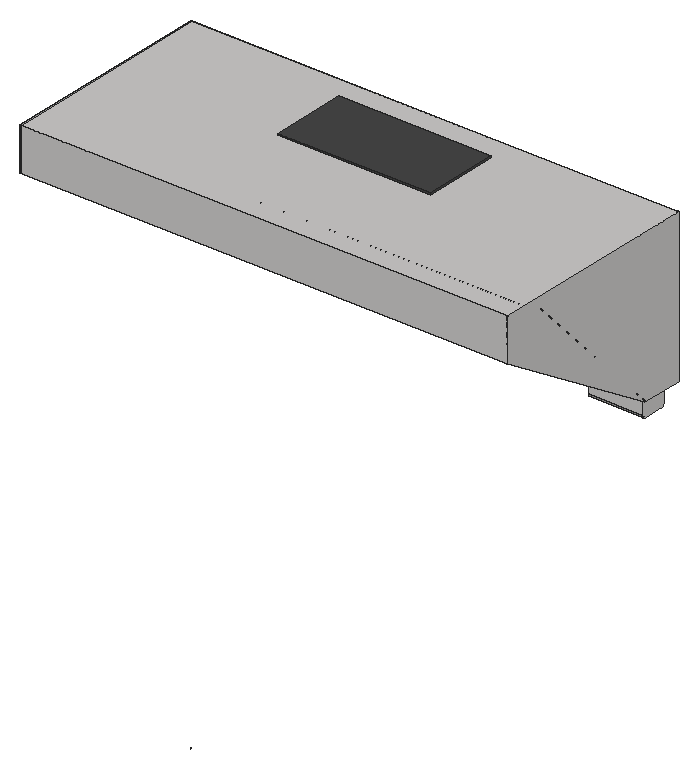
Revit family "QF_ELECTROLUXPROFESSIONAL_642271_MP716BT", category Specialty Equipment, Revit 2014
Reference planes
  plane 1: z = 0
  plane 2 "Center (Left/Right)": x = 150
  plane 3 "LEFT": x = -650
  plane 4 "RIGHT": x = 950
  plane 5 "BACK": y = 550
  plane 6 "Plane": z = 2000
  plane 7 "TOP": z = 2140
  plane 8 "Base": z = 1640
  plane 9: z = 1566
  plane 10 "DrainY": y = 485
  plane 11: x = -647
  plane 12: through (0, 414.509, 1640.8) normal (0, 0.7314, 0.682)
  plane 13: y = 470
  plane 14: y = 220
  plane 15 "DrainX": x = 830
  plane 16: x = -100
  plane 17: x = 400
  plane 18: x = 947
  plane 19: x = 740
  plane 20: x = 920
  plane 21: x = -450
  plane 22: x = 750
  plane 23: x = -47.5
  plane 24: x = 347.5
  plane 25 "FRONT": y = -150
  plane 26 "Center (Front/Back)": y = 200
Forms (mm)
  Extrusion 1, solid, material "QF_Finishes_Stainless Steel"
    sketch origin (-650, 0, 0) x (0, 1, 0) y (0, 0, 1)
      loop
        line (550, 1640) -> (550, 2140) -> (-150, 2140) -> (-150, 1998.603) -> (413.973, 1640) -> (550, 1640)
    from 0 to 3
  Extrusion 2, solid, material "QF_Finishes_Stainless Steel"
    sketch origin (150, 0, 0) x (0, 1, 0) y (0, 0, 1)
      loop
        line (415.255, 1640) -> (550, 1640) -> (550, 2139.19) -> (549.2, 2139.19) -> (549.2, 1640.8) -> (415.876, 1640.8) -> (339.347, 1722.867) -> (349.609, 1732.436) -> (348.927, 1733.167) -> (337.934, 1722.917) -> (415.255, 1640)
      loop
        line (-82.203, 2139.19) -> (-82.203, 2118.6) -> (-31.047, 2118.6) -> (34.354, 2048.466) -> (46.028, 2059.352) -> (45.346, 2060.083) -> (34.403, 2049.879) -> (-30.612, 2119.6) -> (-81.203, 2119.6) -> (-81.203, 2139.19) -> (-82.203, 2139.19)
    from -797 to 797
  Extrusion 3, solid, material "QF_Finishes_Stainless Steel"
    sketch origin (950, 0, 0) x (0, 1, 0) y (0, 0, 1)
      loop
        line (550, 1640) -> (550, 2140) -> (-150, 2140) -> (-150, 1998.603) -> (413.973, 1640) -> (550, 1640)
    from 0 to -3
  Extrusion 4, solid, material "QF_Finishes_Stainless Steel"
    sketch origin (150, 0, 0) x (0, 1, 0) y (0, 0, 1)
      loop
        line (-150, 2140) -> (-150, 2000) -> (-149.2, 2000) -> (-149.2, 2139.19) -> (550, 2139.19) -> (550, 2140) -> (-150, 2140)
    from -800 to 800
  Extrusion 5, solid, material "QF_Finishes_Stainless Steel"
    sketch origin (150, 0, 0) x (0, 1, 0) y (0, 0, 1)
      loop
        line (534, 1640) -> (436, 1640) -> (436, 1627) -> (443.5, 1627) -> (443.5, 1576)
        arc (443.5, 1576) -> (446.429, 1568.929) -> (453.5, 1566) r 10
        line (453.5, 1566) -> (516.5, 1566)
        arc (516.5, 1566) -> (523.571, 1568.929) -> (526.5, 1576) r 10
        line (526.5, 1576) -> (526.5, 1627) -> (534, 1627) -> (534, 1640)
    from 590 to 770
  Extrusion 6, solid, material "QF_Finishes_Stainless Steel"
    sketch origin (0, 0, 1640) x (0, 1, 0) y (-1, 0, 0)
      loop
        circle (485, -830) r 20
    from -76 to -74
  Extrusion 7, solid, material "QF_Finished_Chrome"
    sketch origin (150, 0, 0) x (0, 1, 0) y (0, 0, 1)
      loop
        line (337.934, 1722.917) -> (341.591, 1726.327) -> (38.011, 2051.876) -> (34.354, 2048.466) -> (337.934, 1722.917)
    from -197.5 to -600
  Extrusion 8, solid, material "QF_Finishes_Stainless Steel"
    sketch origin (150, 0, 0) x (0, 1, 0) y (0, 0, 1)
      loop
        line (337.934, 1722.917) -> (341.591, 1726.327) -> (38.011, 2051.876) -> (34.354, 2048.466) -> (337.934, 1722.917)
    from 797 to 600
  Extrusion 9, solid, material "QF_Finished_Chrome"
    sketch origin (150, 0, 0) x (0, 1, 0) y (0, 0, 1)
      loop
        line (341.588, 1726.324) -> (38.009, 2051.874) -> (34.354, 2048.466) -> (337.934, 1722.917) -> (341.588, 1726.324)
    from 197.5 to 600
  Extrusion 10, solid, material "QF_Finishes_Black"
    sketch origin (0, 0, 2140) x (0, 1, 0) y (-1, 0, 0)
      loop
        line (470, -400) -> (470, 100) -> (220, 100) -> (220, -400) -> (470, -400)
    from 5 to 0
  Extrusion 11, solid, material "QF_Finishes_Stainless Steel"
    sketch origin (0, 0, 0) x (1, 0, 0) y (0, 1, 0)
      loop
        line (-650, 550) -> (-650, 549) -> (-649, 549) -> (-649, 550) -> (-650, 550)
    from 0 to 1
  Extrusion 12, solid, material "QF_Finishes_Stainless Steel"
    sketch origin (150, 0, 0) x (0, 1, 0) y (0, 0, 1)
      loop
        line (337.934, 1722.917) -> (341.591, 1726.327) -> (38.011, 2051.876) -> (34.354, 2048.466) -> (337.934, 1722.917)
    from -600 to -797
  Extrusion 13, solid, material "QF_Finishes_Stainless Steel"
    sketch origin (150, 0, 0) x (0, 1, 0) y (0, 0, 1)
      loop
        line (337.934, 1722.917) -> (341.591, 1726.327) -> (38.011, 2051.876) -> (34.354, 2048.466) -> (337.934, 1722.917)
    from 197.5 to -197.5
Cuts and joins
  joined: Extrusion 2, Extrusion 4
Lines and regions (mm)
  reference lines
    curve 1: line (150, 34.354, 2048.466) -> (150, 34.354, 1888.466)
  symbolic lines, style "SpecialityEquipment", detail levels coarse
    curve 2: line (950, 550, 2140) -> (-650, 550, 2140)
    curve 3: line (-650, 550, 2140) -> (-650, -150, 2140)
    curve 4: line (950, -150, 2140) -> (950, 550, 2140)
    curve 5: line (-650, -150, 2140) -> (950, -150, 2140)
    curve 6: line (400, 220, 2140) -> (-100, 220, 2140)
    curve 7: line (400, 470, 2140) -> (400, 220, 2140)
    curve 8: line (-100, 470, 2140) -> (400, 470, 2140)
    curve 9: line (-100, 220, 2140) -> (-100, 470, 2140)
  symbolic lines, detail levels coarse
    curve 10: line (-650, -150, 0) -> (950, 550, 0)
    curve 11: line (-650, 550, 0) -> (950, -150, 0)
Dimensions and locks
  plane 3 "LEFT" to plane 4 "RIGHT" = 1600 mm
  equal spacing: plane 3 "LEFT", plane 2 "Center (Left/Right)", plane 4 "RIGHT"
  locked: plane 6 "Plane" to level at 2000
  plane 7 "TOP" to plane 6 "Plane" = 140 mm
  locked: plane 7 "TOP" to plane 8 "Base" at 500
  plane 8 "Base" to plane 9 = 74 mm
  plane 5 "BACK" to plane 10 "DrainY" = 65 mm  (x2)
  plane 3 "LEFT" to plane 11 = 3 mm
  plane 5 "BACK" to plane 13 = 80 mm
  plane 13 to plane 14 = 250 mm  (x2)
  plane 15 "DrainX" to plane 4 "RIGHT" = 120 mm
  plane 18 to plane 4 "RIGHT" = 3 mm
  locked: plane 19 to plane 15 "DrainX" at 90
  locked: plane 15 "DrainX" to plane 20 at 90
  plane 13 to plane 5 "BACK" = 80 mm
  plane 3 "LEFT" to plane 21 = 200 mm
  plane 22 to plane 4 "RIGHT" = 200 mm
  locked: plane 23 to plane 24 at 395
  equal spacing: plane 23, plane 2 "Center (Left/Right)", plane 24
  locked: plane 16 to plane 17 at 500
  equal spacing: plane 16, plane 2 "Center (Left/Right)", plane 17
  locked: plane 5 "BACK" to plane 25 "FRONT" at 700
  equal spacing: plane 5 "BACK", plane 26 "Center (Front/Back)", plane 25 "FRONT"
  plane 5 "BACK" to plane 25 "FRONT" = 700 mm
  aligned and locked: level to plane 1
  aligned and locked: Extrusion 2 to Extrusion 1
  aligned and locked: Extrusion 2 to Extrusion 3
  aligned and locked: plane 4 "RIGHT" to Extrusion 4
  aligned and locked: Extrusion 4 to plane 3 "LEFT"
  aligned and locked: plane 18 to Extrusion 8
  aligned and locked: Extrusion 10 to plane 16
  aligned and locked: Extrusion 10 to plane 14
  aligned and locked: Extrusion 10 to plane 13
  aligned and locked: Extrusion 2 to Extrusion 4
  aligned and locked: plane 20 to Extrusion 5
  aligned and locked: Extrusion 5 to plane 19
  aligned and locked: Extrusion 8 to plane 22
  aligned and locked: Extrusion 9 to plane 22
  aligned and locked: Extrusion 7 to plane 21
  aligned and locked: Extrusion 12 to plane 11
  aligned and locked: plane 21 to Extrusion 12
  aligned and locked: Extrusion 3 to plane 18
  aligned and locked: Extrusion 10 to plane 17
  aligned and locked: plane 17 to curve 7
  aligned and locked: plane 24 to Extrusion 13
  aligned and locked: Extrusion 13 to plane 23
  aligned and locked: Extrusion 9 to plane 24
Automatic sketch dimensions
  curve 5 to plane 4 "RIGHT" = 0 mm
  curve 6 to plane 14 = 0 mm
  plane 13 to curve 8 = 0 mm
  curve 3 to plane 3 "LEFT" = 0 mm
  curve 3 to plane 5 "BACK" = 0 mm
  curve 6 to plane 16 = 0 mm
  Extrusion 1 sketch curve to plane 8 "Base" = 0 mm
  Extrusion 1 sketch curve to plane 5 "BACK" = 0 mm
  Extrusion 1 sketch curve to plane 7 "TOP" = 0 mm
  plane 13 to Extrusion 1 sketch curve = 56.027 mm
  Extrusion 1 sketch curve to plane 6 "Plane" = 1.397 mm
  Extrusion 2 sketch curve to plane 12 = 0 mm  (x3)
  Extrusion 2 sketch curve to plane 8 "Base" = 0 mm
  plane 12 to Extrusion 2 sketch curve = 0 mm
  Extrusion 2 sketch curve to plane 5 "BACK" = 0 mm
  Extrusion 2 sketch curve to Extrusion 2 sketch curve = 65.646 mm
  Extrusion 2 sketch curve to Extrusion 2 sketch curve = 0.682 mm  (x2)
  Extrusion 2 sketch curve to Extrusion 2 sketch curve = 10.261 mm
  plane 8 "Base" to Extrusion 2 sketch curve = 82.917 mm
  Extrusion 2 sketch curve to Extrusion 2 sketch curve = 10.942 mm
  Extrusion 2 sketch curve to Extrusion 2 sketch curve = 0.049 mm
  Extrusion 2 sketch curve to plane 7 "TOP" = 20.4 mm
  Extrusion 2 sketch curve to plane 7 "TOP" = 21.4 mm
  Extrusion 2 sketch curve to plane 7 "TOP" = 0.81 mm  (x2)
  Extrusion 2 sketch curve to Extrusion 2 sketch curve = 50.156 mm
  Extrusion 2 sketch curve to Extrusion 2 sketch curve = 1 mm
  plane 8 "Base" to Extrusion 2 sketch curve = 0.8 mm
  Extrusion 2 sketch curve to plane 5 "BACK" = 0.8 mm
  Extrusion 4 sketch curve to plane 6 "Plane" = 0 mm
  Extrusion 4 sketch curve to plane 5 "BACK" = 0 mm
  Extrusion 4 sketch curve to plane 7 "TOP" = 0 mm
  Extrusion 4 sketch curve to plane 7 "TOP" = 0.81 mm
  curve 1 to plane 12 = 0 mm
  curve 1 to plane 6 "Plane" = 111.534 mm
  Extrusion 5 sketch curve to plane 8 "Base" = 0 mm
  Extrusion 5 sketch curve to plane 9 = 0 mm
  Extrusion 5 sketch curve to plane 8 "Base" = 13 mm  (x2)
  plane 13 to Extrusion 5 sketch curve = 34 mm
  Extrusion 5 sketch curve to Extrusion 5 sketch curve = 7.5 mm  (x2)
  Extrusion 5 sketch curve to Extrusion 5 sketch curve = 10 mm
  plane 10 "DrainY" to Extrusion 5 sketch curve = 31.5 mm
  Extrusion 5 sketch curve to plane 5 "BACK" = 23.5 mm
  Extrusion 6 sketch curve to plane 10 "DrainY" = 0 mm
  Extrusion 6 sketch curve to plane 15 "DrainX" = 0 mm
  Extrusion 7 sketch curve to plane 12 = 0 mm  (x2)
  Extrusion 7 sketch curve to Extrusion 7 sketch curve = 3.657 mm
  plane 8 "Base" to Extrusion 7 sketch curve = 82.917 mm
  Extrusion 8 sketch curve to plane 12 = 0 mm  (x2)
  Extrusion 8 sketch curve to Extrusion 8 sketch curve = 3.657 mm
  plane 8 "Base" to Extrusion 8 sketch curve = 82.917 mm
  Extrusion 9 sketch curve to plane 12 = 0 mm  (x2)
  Extrusion 9 sketch curve to Extrusion 9 sketch curve = 3.655 mm
  plane 8 "Base" to Extrusion 9 sketch curve = 82.917 mm
  Extrusion 10 sketch curve to plane 14 = 0 mm
  plane 13 to Extrusion 10 sketch curve = 0 mm
  Extrusion 10 sketch curve to plane 17 = 0 mm
  Extrusion 10 sketch curve to plane 16 = 0 mm
  Extrusion 11 sketch curve to plane 3 "LEFT" = 0 mm
  Extrusion 11 sketch curve to plane 5 "BACK" = 0 mm
  plane 3 "LEFT" to Extrusion 11 sketch curve = 1 mm
  Extrusion 11 sketch curve to Extrusion 11 sketch curve = 1 mm
  Extrusion 12 sketch curve to plane 12 = 0 mm  (x2)
  Extrusion 12 sketch curve to Extrusion 12 sketch curve = 3.657 mm
  plane 8 "Base" to Extrusion 12 sketch curve = 82.917 mm
  Extrusion 13 sketch curve to plane 12 = 0 mm  (x2)
  Extrusion 13 sketch curve to Extrusion 13 sketch curve = 3.657 mm
  plane 8 "Base" to Extrusion 13 sketch curve = 82.917 mm
  Extrusion 4 sketch curve to Extrusion 4 sketch curve = 0.8 mm
  curve 5 to plane 14 = 370 mm
  Extrusion 1 sketch curve to plane 14 = 370 mm
  plane 6 "Plane" to Extrusion 2 sketch curve = 48.466 mm
  Extrusion 4 sketch curve to plane 14 = 369.2 mm
  curve 1 to plane 14 = 185.646 mm
  plane 6 "Plane" to Extrusion 7 sketch curve = 51.876 mm
  plane 6 "Plane" to Extrusion 8 sketch curve = 51.876 mm
  plane 6 "Plane" to Extrusion 9 sketch curve = 51.874 mm
  plane 6 "Plane" to Extrusion 12 sketch curve = 51.876 mm
  plane 6 "Plane" to Extrusion 13 sketch curve = 51.876 mm
  Extrusion 3 sketch curve to plane 7 "TOP" = 0 mm
  Extrusion 3 sketch curve to plane 8 "Base" = 0 mm
  Extrusion 3 sketch curve to plane 5 "BACK" = 0 mm
  Extrusion 3 sketch curve to plane 25 "FRONT" = 0 mm
  plane 13 to Extrusion 3 sketch curve = 56.027 mm
  Extrusion 3 sketch curve to plane 6 "Plane" = 1.397 mm
  curve 11 to plane 3 "LEFT" = 0 mm
  curve 10 to plane 3 "LEFT" = 0 mm
  curve 11 to plane 4 "RIGHT" = 0 mm
  curve 10 to plane 4 "RIGHT" = 0 mm
  curve 11 to plane 25 "FRONT" = 0 mm
  curve 10 to plane 25 "FRONT" = 0 mm
  curve 11 to plane 5 "BACK" = 0 mm
  curve 10 to plane 5 "BACK" = 0 mm
  radius of Extrusion 6 sketch curve = 20 mm
Connectors
  piping at (830, 485, 1564), diameter 20
    settings: on Extrusion 6, index 1, connector inside diameter 609.6 mm, connector length 0 mm, flow factor 0, pipe flow 0.0 L/s, pressure drop 0.0 Pa, fitting loss kfactor 0, connector angle 0.00°, fixture units 0, engagement length 0 mm, angle of deflection 0.00°, flow configuration 1, flow direction 2, fitting loss method 0, system type 16, joint type 0, gender type 0, connector reference index -1, connector utility 0, adjustable connector no, is connector primary yes, connector description "Drain"
  hvac at (150, 345, 2145)
    settings: on Extrusion 10, index 2, duct flow 0.0 L/s, flow factor 0, pres drop 0.0 Pa, loss coef 0, conn angle 0.00°, conn width 250 mm, conn height 500 mm, conn diameter 609.6 mm, duct sys type 3, conn prof type 1, flow config 1, flow direction 0, loss method 0, conn ref index -1, conn util no, is conn primary yes, conn desc "EXHAUST OUTLET"
